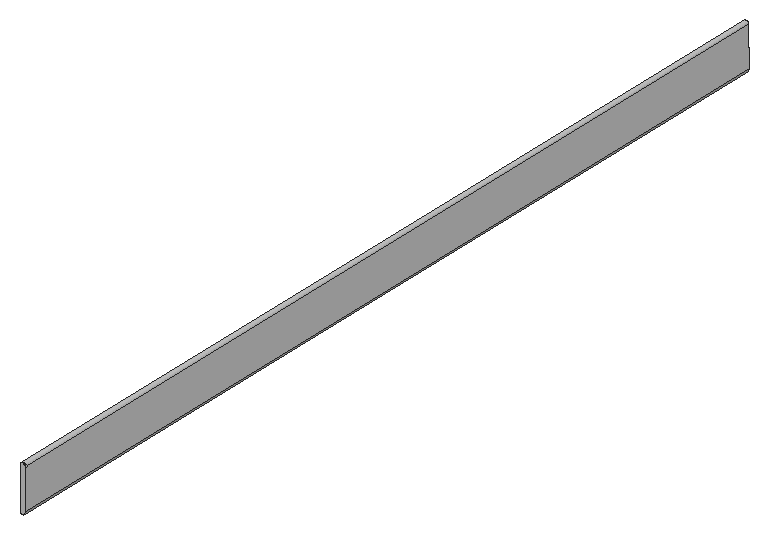
Revit family "Wall_Expansion_Joint-Emseal-Emshield-WFR1-(0.5-6-Inch)", category Specialty Equipment, host Face, Revit 2019
Family settings
  Host = Face
  Round Connector Dimension = Use Diameter
  Part Type = Normal
  OmniClass Number = 23.25.30.24
  OmniClass Title = Structural Walls
  Cut with Voids When Loaded = No
  Shared = No
  Room Calculation Point = No
Parameters (values of type "REFER TO TYPE CATALOG")
  Width = 0' - 0 1/2"
  Water Penetration of Curtain Wall By Uniform Static Air Pressure Difference (ASTM E331-00) = "No water penetration - 15 minute duration at 500 Delta-P(Pa), 1000 Delta-P(Pa),  and 5000 Delta-P(Pa)"  # constant formula
  URL = "https://www.emseal.com/"
  Type Image = <None>
  Type Comments = ""
  Tornado Resistance (Air Leakage) (ASTM E283) = "Tested to 200 mph with essentially no deflection"  # constant formula
  Thermal Conductivity (ASTM C518) = "0.9824 BTU*in/h*ft^2*F (0.1417 W/m*K)"  # constant formula
  Tensile Strength (ASTM D3574) = "21 psi min;  145 kPa"  # constant formula
  Temperature Range (ASTM C711) = "185°F (85°C) to -40°F (-40°C)"  # constant formula
  Standard Test Method For Structural Performance of Exterior Windows, Doors, Sylights and Curtain Walls by Uniform Static Air Pressure Difference (ASTM E330) = "1.9mm @ 4854Pa (200mph) 6-Inch width"  # constant formula
  Staining (ASTM C510) = "None"  # constant formula
  Seal Material Note = "WFR1 has layers of silicone on both sides"  # constant formula
  Seal Material = Silicone - Sikasil WS-295
  STC Rating (Sound Transmission Class) (ASTM E90) = "STC 62 (in a STC 68 wall)"  # constant formula
  Rate of Air Leakage (ASTM E283) = "Passed"  # constant formula
  R Value Range (ASTM C518) = "1.03 per 1-inch (25mm) depth"  # constant formula
  Product data url = "https://cdn.emseal.com/wp-content/uploads/2016/06/emshield-wfr1-tech-data-2-hour-fire-rated-expansion-joint-wall-emseal.pdf"
  Product Page URL = "https://www.emseal.com/product/wfr1-fire-rated-wall-expansion-joint/"
  Product Documentation Link = "https://cdn.emseal.com/wp-content/uploads/2016/06/emshield-wfr1-tech-data-2-hour-fire-rated-expansion-joint-wall-emseal.pdf"
  Pick Resistant = "No"  # constant formula
  OITC Rating (Outdoor/Indoor Transmission Class) = "OITC 52 (in a OITC 52 wall)"  # constant formula
  Number of Sticks Required [instance] = Length / 6' 6 23/32"  # 1
  Movement (of Nominal Material Size) = "+ 50% / - 50%"
  Model = "WFR1"
  Manufacturer = "Emseal Joint Systems, Ltd."  # constant formula
  Length [instance] = 6' - 6 23/32"
  Keynote = ""
  Host Thickness = 0' 0" - Depth  # -0' - 4"
  Fire Resistance and Movement Cycling Regime (UL 2079, ASTM E1966, ASTM E119, ASTM E1399) = "Passed"  # constant formula
  Fire Rating (Hours per UL2079) = "1"
  Fire Rated Movement Rating (UL2079) = "Class II, III"  # constant formula
  Durometer Hardness of Silicone Coating (ASTM D2240) = "Shore A: 15"  # constant formula
  Description = "Fire Rated, Watertight, Sound Dampening, Primary Seal for Interior and Exterior Wall Expansion Joints"  # constant formula
  Depth = 0' - 4"
  Default Elevation = 4' - 0"
  Assembly Code = "B2010"
  Air Permeability (ASTM E283-04) = "0.00017 L/(s-m²) @ 75 Delta-P(Pa) 0.00017 L(s-m²) @ 250 Delta-P(Pa)"  # constant formula
  ABAA Compliance = "YES"  # constant formula
Reference planes (in)
  plane 1 "Center (Front/Back)": y = 0
  plane 2: z = 0
  plane 3 "Center (Left/Right)": x = 0
  plane 4: y = 39.35937
  plane 5: y = -39.35938
  plane 6: x = -0.25
  plane 7: x = 0.25
  plane 8: z = -4
Forms (in)
  Extrusion 1, void
    sketch origin (0, 0, 0) x (1, 0, 0) y (0, 1, 0)
      loop
        line (-0.25, -39.35938) -> (0.25, -39.35938) -> (0.25, 39.35937) -> (-0.25, 39.35937) -> (-0.25, -39.35938)
    from -120 to 0
Dimensions and locks (in)
  equal spacing: plane 6, plane 3 "Center (Left/Right)", plane 7
  "Width": plane 6 to plane 7
  "Length": plane 4 to plane 5
  "Depth": level to plane 8
  equal spacing: plane 4, plane 1 "Center (Front/Back)", plane 5
  aligned and locked: plane 2 to host face
  aligned and locked: level to host face
  aligned and locked: Extrusion 1 sketch curve to plane 5
  aligned and locked: Extrusion 1 sketch curve to plane 7
  aligned and locked: Extrusion 1 sketch curve to plane 6
  aligned and locked: Extrusion 1 sketch curve to plane 4
  aligned and locked: plane 2 to Extrusion 1
  aligned and locked: plane 4 to nested 1
  aligned and locked: plane 5 to nested 1
  aligned and locked: plane 3 "Center (Left/Right)" to nested 1
Automatic sketch dimensions
  host sketch curve to host sketch curve = 8' - 0"
  host sketch curve to host sketch curve = 6' - 6 23/32"
Nested families (in)
  nested 1: "EmShield_WFR_Bellow_Facebased" at (0, 0, 0), Seal Material <- "Seal Material", Width <- "Width", Depth <- "Depth", type "WFR"
    with Width 0' - 0 1/2", Triple Bellow no, Single Bellow yes, Seal Material Silicone - Sikasil WS-295, Quad Bellow no, Pent Bellow no, Length 6' - 6 23/32", Depth 0' - 4", Calc Width Triple 0' - 1 1/2", Calc Width Single 0' - 0 1/2", Calc Width Quad 0' - 3 131/256", Calc Width Pent 0' - 4 1/2"
Definition of nested family "EmShield_WFR_Bellow_Facebased"
  Parameters
    Width [instance] = 0' - 4 3/4"
    Triple Bellow [instance] = and(Width > 0' 1 125/256", Width < 0' 3 131/256")  # no
    Single Bellow [instance] = Width < 0' 1 67/256"  # no
    Seal Material [instance] = none
    Quad Bellow [instance] = and(Width > 0' 3 189/256", Width < 0' 4 131/256")  # no
    Pent Bellow [instance] = and(Width > 0' 4 189/256", Width < 0' 6 3/256")  # yes
    Length [instance] = 7' - 0"
    Depth [instance] = 0' - 4"
    Default Elevation = 4' - 0"
    Calc Width Triple [instance] = if(or(Width > 0' 3 131/256", Width < 0' 1 125/256"), 0' 1 1/2", Width)  # 0' - 1 1/2"
    Calc Width Single [instance] = if(Width > 0' 1 67/256", 0' 1 67/256", Width)  # 0' - 1 67/256"
    Calc Width Quad [instance] = if(or(Width > 0' 4 131/256", Width < 0' 3 189/256"), 0' 3 131/256", Width)  # 0' - 3 131/256"
    Calc Width Pent [instance] = if(or(Width > 0' 6 3/256", Width < 0' 4 125/256"), 0' 4 1/2", Width)  # 0' - 4 3/4"
  Reference planes (in)
    plane 1 "Center (Front/Back)": y = 0
    plane 2: z = 0
    plane 3 "Center (Left/Right)": x = 0
    plane 4: y = 42
    plane 5: y = -42
    plane 6: x = -0.75
    plane 7: x = 0.75
    plane 8: z = -4
    plane 9: x = -0.87793
    plane 10: x = 0.87793
    plane 11: x = -0.25
    plane 12: x = 0.25
    plane 13: x = -1.75586
    plane 14: x = 1.75586
    plane 15: x = -0.63086
    plane 16: x = 0.63086
    plane 17: x = -2.375
    plane 18: x = 2.375
    plane 19: x = -5.625
    plane 20: x = 5.875
    plane 21: x = -1.425
    plane 22: x = -0.475
    plane 23: x = 0.475
    plane 24: x = -2.375
    plane 25: x = 2.375
    plane 26: x = 1.425
  Forms (in)
    Extrusion 1, solid
      sketch origin (0, 0, 0) x (1, 0, 0) y (0, 1, 0)
        loop
          line (-48, 48) -> (-48, -48) -> (48, -48) -> (48, 48) -> (-48, 48)
      from 0 to -12
    Extrusion 2, solid, material <- "Seal Material", visible <- "Quad Bellow", detail levels medium+fine
      sketch origin (0, 0, 0) x (1, 0, 0) y (0, 0, 1)
        loop
          line (1.75586, -3.56106) -> (1.75586, -0.43896)
          arc (1.75586, -0.43896) -> (1.31689, 0) -> (0.87793, -0.43896) r 0.43896
          arc (0.87793, -0.43896) -> (0.43896, 0) -> (0, -0.43896) r 0.43896
          arc (0, -0.43896) -> (-0.43896, 0) -> (-0.87793, -0.43896) r 0.43896
          arc (-0.87793, -0.43896) -> (-1.31689, 0) -> (-1.75586, -0.43896) r 0.43896
          line (-1.75586, -0.43896) -> (-1.75586, -3.56106)
          arc (-1.75586, -3.56106) -> (-1.31689, -4.00002) -> (-0.87793, -3.56106) r 0.43896
          arc (-0.87793, -3.56106) -> (-0.43896, -4.00002) -> (0, -3.56106) r 0.43896
          arc (0, -3.56106) -> (0.43896, -4.00002) -> (0.87793, -3.56106) r 0.43896
          arc (0.87793, -3.56106) -> (1.31689, -4.00002) -> (1.75586, -3.56106) r 0.43896
      from -42 to 42
    Extrusion 3, solid, material <- "Seal Material", visible <- "Triple Bellow", detail levels medium+fine
      sketch origin (0, 0, 0) x (1, 0, 0) y (0, 0, 1)
        loop
          line (-0.75, -0.25) -> (-0.75, -3.75)
          arc (-0.75, -3.75) -> (-0.5, -4) -> (-0.25, -3.75) r 0.25
          arc (-0.25, -3.75) -> (0, -4) -> (0.25, -3.75) r 0.25
          arc (0.25, -3.75) -> (0.5, -4) -> (0.75, -3.75) r 0.25
          line (0.75, -3.75) -> (0.75, -0.25)
          arc (0.75, -0.25) -> (0.5, 0) -> (0.25, -0.25) r 0.25
          arc (0.25, -0.25) -> (0, 0) -> (-0.25, -0.25) r 0.25
          arc (-0.25, -0.25) -> (-0.5, 0) -> (-0.75, -0.25) r 0.25
      from -42 to 42
    Extrusion 4, solid, material <- "Seal Material", visible <- "Single Bellow", detail levels medium+fine
      sketch origin (0, 0, 0) x (1, 0, 0) y (0, 0, 1)
        loop
          line (-0.63086, -0.63086) -> (-0.63086, -3.36914)
          arc (-0.63086, -3.36914) -> (0, -4) -> (0.63086, -3.36914) r 0.63086
          line (0.63086, -3.36914) -> (0.63086, -0.63086)
          arc (0.63086, -0.63086) -> (0, 0) -> (-0.63086, -0.63086) r 0.63086
      from -42 to 42
    Extrusion 5, solid, material <- "Seal Material", detail levels coarse
      sketch origin (0, 0, 0) x (1, 0, 0) y (0, 0, 1)
        loop
          line (2.375, -4) -> (2.375, 0) -> (-2.375, 0) -> (-2.375, -4) -> (2.375, -4)
      from -42 to 42
    Extrusion 6, solid, material <- "Seal Material", visible <- "Pent Bellow", detail levels medium+fine
      sketch origin (0, 0, 0) x (1, 0, 0) y (0, 0, 1)
        loop
          line (-2.375, -0.475) -> (-2.375, -3.52513)
          arc (-2.375, -3.52513) -> (-1.9, -4.00013) -> (-1.425, -3.52513) r 0.475
          arc (-1.425, -3.52513) -> (-0.95, -4.00013) -> (-0.475, -3.52513) r 0.475
          arc (-0.475, -3.52513) -> (0, -4.00013) -> (0.475, -3.52513) r 0.475
          arc (0.475, -3.52513) -> (0.95, -4.00013) -> (1.425, -3.52513) r 0.475
          arc (1.425, -3.52513) -> (1.9, -4.00013) -> (2.375, -3.52513) r 0.475
          line (2.375, -3.52513) -> (2.375, -0.475)
          arc (2.375, -0.475) -> (1.9, 0) -> (1.425, -0.475) r 0.475
          arc (1.425, -0.475) -> (0.95, 0) -> (0.475, -0.475) r 0.475
          arc (0.475, -0.475) -> (0, 0) -> (-0.475, -0.475) r 0.475
          arc (-0.475, -0.475) -> (-0.95, 0) -> (-1.425, -0.475) r 0.475
          arc (-1.425, -0.475) -> (-1.9, 0) -> (-2.375, -0.475) r 0.475
      from -42 to 42
  Lines and regions (in)
    Masking region 1
      outline origin (0, 0, 2.62265) x (-1, 0, 0) y (0, -1, 0)
        loop
          line (2.375, -42) -> (2.375, 42) -> (-2.375, 42) -> (-2.375, -42) -> (2.375, -42)
    Masking region 2, detail levels coarse
      outline origin (0, 0, 0) x (1, 0, 0) y (0, 0, 1)
        loop
          line (2.375, 0) -> (-2.375, 0) -> (-2.375, -4) -> (2.375, -4) -> (2.375, 0)
    Masking region 3, visible <- "Pent Bellow", detail levels medium+fine
      outline origin (0, 0, 0) x (1, 0, 0) y (0, 0, 1)
        loop
          arc (-1.425, -0.475) -> (-1.9, 0) -> (-2.375, -0.475) r 0.475
          line (-2.375, -0.475) -> (-2.375, -3.52513)
          arc (-2.375, -3.52513) -> (-1.9, -4.00013) -> (-1.425, -3.52513) r 0.475
          arc (-1.425, -3.52513) -> (-0.95, -4.00013) -> (-0.475, -3.52513) r 0.475
          arc (-0.475, -3.52513) -> (0, -4.00013) -> (0.475, -3.52513) r 0.475
          arc (0.475, -3.52513) -> (0.95, -4.00013) -> (1.425, -3.52513) r 0.475
          arc (1.425, -3.52513) -> (1.9, -4.00013) -> (2.375, -3.52513) r 0.475
          line (2.375, -3.52513) -> (2.375, -0.475)
          arc (2.375, -0.475) -> (1.9, 0) -> (1.425, -0.475) r 0.475
          arc (1.425, -0.475) -> (0.95, 0) -> (0.475, -0.475) r 0.475
          arc (0.475, -0.475) -> (0, 0) -> (-0.475, -0.475) r 0.475
          arc (-0.475, -0.475) -> (-0.95, 0) -> (-1.425, -0.475) r 0.475
    Masking region 4, visible <- "Quad Bellow", detail levels medium+fine
      outline origin (0, 0, 0) x (1, 0, 0) y (0, 0, 1)
        loop
          line (-1.75586, -0.43896) -> (-1.75586, -3.56106)
          arc (-1.75586, -3.56106) -> (-1.31689, -4.00002) -> (-0.87793, -3.56106) r 0.43896
          arc (-0.87793, -3.56106) -> (-0.43896, -4.00002) -> (0, -3.56106) r 0.43896
          arc (0, -3.56106) -> (0.43896, -4.00002) -> (0.87793, -3.56106) r 0.43896
          arc (0.87793, -3.56106) -> (1.31689, -4.00002) -> (1.75586, -3.56106) r 0.43896
          line (1.75586, -3.56106) -> (1.75586, -0.43896)
          arc (1.75586, -0.43896) -> (1.31689, 0) -> (0.87793, -0.43896) r 0.43896
          arc (0.87793, -0.43896) -> (0.43896, 0) -> (0, -0.43896) r 0.43896
          arc (0, -0.43896) -> (-0.43896, 0) -> (-0.87793, -0.43896) r 0.43896
          arc (-0.87793, -0.43896) -> (-1.31689, 0) -> (-1.75586, -0.43896) r 0.43896
    Masking region 5, visible <- "Single Bellow", detail levels medium+fine
      outline origin (0, 0, 0) x (1, 0, 0) y (0, 0, 1)
        loop
          arc (0.63086, -0.63086) -> (0, 0) -> (-0.63086, -0.63086) r 0.63086
          line (-0.63086, -0.63086) -> (-0.63086, -3.36914)
          arc (-0.63086, -3.36914) -> (0, -4) -> (0.63086, -3.36914) r 0.63086
          line (0.63086, -3.36914) -> (0.63086, -0.63086)
    Masking region 6, visible <- "Triple Bellow", detail levels medium+fine
      outline origin (0, 0, 0) x (1, 0, 0) y (0, 0, 1)
        loop
          arc (-0.25, -3.75) -> (0, -4) -> (0.25, -3.75) r 0.25
          arc (0.25, -3.75) -> (0.5, -4) -> (0.75, -3.75) r 0.25
          line (0.75, -3.75) -> (0.75, -0.25)
          arc (0.75, -0.25) -> (0.5, 0) -> (0.25, -0.25) r 0.25
          arc (0.25, -0.25) -> (0, 0) -> (-0.25, -0.25) r 0.25
          arc (-0.25, -0.25) -> (-0.5, 0) -> (-0.75, -0.25) r 0.25
          line (-0.75, -0.25) -> (-0.75, -3.75)
          arc (-0.75, -3.75) -> (-0.5, -4) -> (-0.25, -3.75) r 0.25
    Masking region 7
      outline origin (0, 0, 0) x (0, 1, 0) y (0, 0, 1)
        loop
          line (42, -4) -> (42, 0) -> (-42, 0) -> (-42, -4) -> (42, -4)
    symbolic lines, visible <- "Quad Bellow", detail levels medium+fine
      curve 1: line (-0.87793, 42, 2.62265) -> (-0.87793, -42, 2.62265)
      curve 2: line (0.87793, 42, 2.62265) -> (0.87793, -42, 2.62265)
      curve 3: line (0, 42, 2.62265) -> (0, -42, 2.62265)
    symbolic lines, visible <- "Triple Bellow", detail levels medium+fine
      curve 4: line (-0.25, 42, 0) -> (-0.25, -42, 0)
      curve 5: line (0.25, 42, 0) -> (0.25, -42, 0)
    symbolic lines, visible <- "Pent Bellow", detail levels medium+fine
      curve 6: line (-1.425, 42, 0) -> (-1.425, -42, 0)
      curve 7: line (-0.475, 42, 0) -> (-0.475, -42, 0)
      curve 8: line (0.475, 42, 0) -> (0.475, -42, 0)
      curve 9: line (1.425, 42, 0) -> (1.425, -42, 0)
  Dimensions and locks (in)
    "Length": plane 4 to plane 5
    equal spacing: plane 6, plane 3 "Center (Left/Right)", plane 7
    "Depth": level to plane 8
    plane 8 to Extrusion 2 sketch curve to Extrusion 2 sketch curve to Extrusion 2 sketch curve to Extrusion 2 sketch curve = 0' - 0.00002" locked, 0' - 0" locked, 0' - 0" locked, 0' - 0" locked
    Extrusion 2 sketch curve to Extrusion 2 sketch curve to Extrusion 2 sketch curve to Extrusion 2 sketch curve to plane 2 = 0' - 0" locked, 0' - 0" locked, 0' - 0" locked, 0' - 0" locked
    equal spacing: plane 4, plane 1 "Center (Front/Back)", plane 5
    plane 8 to Extrusion 3 sketch curve to Extrusion 3 sketch curve to Extrusion 3 sketch curve = 0' - 0" locked, 0' - 0" locked, 0' - 0" locked
    plane 2 to Extrusion 3 sketch curve to Extrusion 3 sketch curve to Extrusion 3 sketch curve = 0' - 0" locked, 0' - 0" locked, 0' - 0" locked
    equal spacing: plane 7, plane 12, plane 11, plane 6
    "Calc Width Triple": plane 7 to plane 6
    equal spacing: plane 14, plane 10, plane 3 "Center (Left/Right)", plane 9, plane 13
    "Calc Width Quad": plane 14 to plane 13
    equal spacing: plane 16, plane 3 "Center (Left/Right)", plane 15
    "Calc Width Single": plane 16 to plane 15
    locked: plane 8 to Extrusion 4 sketch curve at 0
    locked: plane 2 to Extrusion 4 sketch curve at 0
    equal spacing: plane 18, plane 3 "Center (Left/Right)", plane 17
    "Width": plane 18 to plane 17
    locked: plane 19 to plane 17 at 3.25
    locked: plane 18 to plane 20 at 3.5
    equal spacing: plane 25, plane 3 "Center (Left/Right)", plane 24
    "Calc Width Pent": plane 25 to plane 24
    equal spacing: plane 25, plane 26, plane 23, plane 22, plane 21, plane 24
    plane 8 to Extrusion 6 sketch curve to Extrusion 6 sketch curve to Extrusion 6 sketch curve to Extrusion 6 sketch curve to Extrusion 6 sketch curve = 0' - 0.00013" locked, 0' - 0" locked, 0' - 0" locked, 0' - 0" locked, 0' - 0" locked
    plane 2 to Extrusion 6 sketch curve to Extrusion 6 sketch curve to Extrusion 6 sketch curve to Extrusion 6 sketch curve to Extrusion 6 sketch curve = 0' - 0" locked, 0' - 0" locked, 0' - 0" locked, 0' - 0" locked, 0' - 0" locked
    aligned and locked: plane 2 to Extrusion 1
    aligned and locked: level to Extrusion 1
    aligned and locked: Masking region 1 sketch curve to plane 4
    aligned and locked: Masking region 1 sketch curve to plane 5
    aligned and locked: plane 5 to curve 1
    aligned and locked: plane 5 to curve 2
    aligned and locked: plane 4 to curve 2
    aligned and locked: plane 4 to curve 1
    aligned and locked: curve 3 to plane 3 "Center (Left/Right)"
    aligned and locked: plane 10 to Extrusion 2 sketch curve  (x2)
    aligned and locked: plane 3 "Center (Left/Right)" to Extrusion 2 sketch curve  (x2)
    aligned and locked: plane 9 to Extrusion 2 sketch curve  (x2)
    aligned and locked: Extrusion 2 to plane 5
    aligned and locked: plane 4 to Extrusion 2
    aligned and locked: plane 6 to Extrusion 3 sketch curve
    aligned and locked: plane 7 to Extrusion 3 sketch curve
    aligned and locked: plane 12 to Extrusion 3 sketch curve  (x2)
    aligned and locked: plane 11 to Extrusion 3 sketch curve  (x2)
    aligned and locked: plane 13 to Extrusion 2 sketch curve
    aligned and locked: Extrusion 2 sketch curve to plane 14
    aligned and locked: plane 15 to Extrusion 4 sketch curve
    aligned and locked: plane 16 to Extrusion 4 sketch curve
    aligned and locked: Extrusion 5 sketch curve to plane 8
    aligned and locked: Extrusion 5 sketch curve to plane 2
    aligned and locked: Extrusion 5 sketch curve to plane 17
    aligned and locked: Extrusion 5 sketch curve to plane 18
    aligned and locked: Extrusion 5 to plane 5
    aligned and locked: Extrusion 4 to plane 5
    aligned and locked: Extrusion 3 to plane 5
    aligned and locked: plane 4 to Extrusion 5
    aligned and locked: plane 4 to Extrusion 4
    aligned and locked: plane 4 to Extrusion 3
    aligned and locked: curve 4 to plane 11
    aligned and locked: curve 5 to plane 12
    aligned and locked: Masking region 1 sketch curve to plane 17
    aligned and locked: plane 18 to Masking region 1 sketch curve
    aligned and locked: plane 24 to Extrusion 6 sketch curve
    aligned and locked: plane 25 to Extrusion 6 sketch curve
    aligned and locked: plane 21 to Extrusion 6 sketch curve  (x2)
    aligned and locked: plane 22 to Extrusion 6 sketch curve  (x2)
    aligned and locked: plane 23 to Extrusion 6 sketch curve  (x2)
    aligned and locked: plane 26 to Extrusion 6 sketch curve  (x2)
    aligned and locked: Extrusion 6 to plane 5
    aligned and locked: plane 4 to Extrusion 6
    aligned and locked: curve 6 to plane 21
    aligned and locked: curve 7 to plane 22
    aligned and locked: curve 8 to plane 23
    aligned and locked: curve 9 to plane 26
    aligned and locked: Masking region 2 sketch curve to Extrusion 5  (x4)
    aligned and locked: Masking region 3 sketch curve to Extrusion 6  (x10)
    aligned and locked: Masking region 4 sketch curve to Extrusion 2  (x8)
    aligned and locked: Masking region 5 sketch curve to Extrusion 4  (x2)
    aligned and locked: Masking region 6 sketch curve to Extrusion 3  (x6)
    aligned and locked: plane 4 to Masking region 7 sketch curve
    aligned and locked: plane 5 to Masking region 7 sketch curve
    aligned and locked: plane 8 to Masking region 7 sketch curve
    aligned and locked: level to Masking region 7 sketch curve
  Automatic sketch dimensions
    Extrusion 1 sketch curve to Extrusion 1 sketch curve = 8' - 0"  (x2)
    curve 3 to plane 4 = 0' - 0"
    curve 3 to plane 5 = 0' - 0"
    curve 2 to plane 10 = 0' - 0"
    curve 1 to plane 9 = 0' - 0"
    Extrusion 3 sketch curve to Extrusion 3 sketch curve = 0' - 0"
    curve 4 to plane 5 = 0' - 0"
    curve 5 to plane 5 = 0' - 0"
    curve 5 to plane 4 = 0' - 0"
    curve 4 to plane 4 = 0' - 0"
    curve 6 to plane 5 = 0' - 0"
    plane 4 to curve 6 = 0' - 0"
    curve 7 to curve 6 = 0' - 0"
    curve 6 to curve 7 = 0' - 0"
    curve 8 to curve 7 = 0' - 0"
    curve 7 to curve 8 = 0' - 0"
    curve 9 to curve 8 = 0' - 0"
    curve 8 to curve 9 = 0' - 0"
